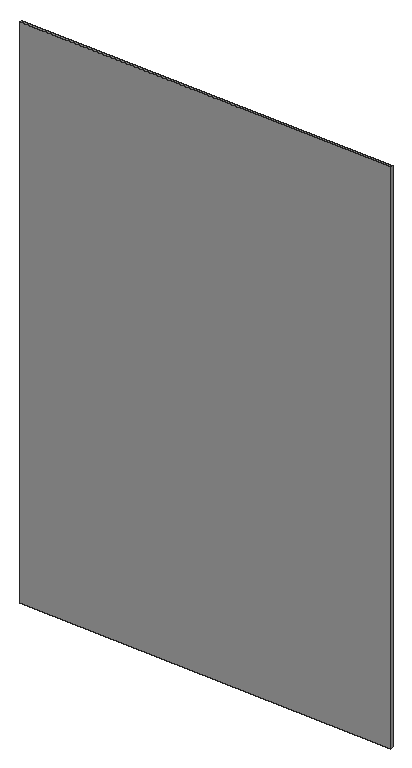
Revit family "Steni - Panel - Nature Type F Micro", category Generic Models, Revit 2014
Parameters (values of type "SN 305")
  Youtube clip = ""
  Width [instance] = 850 mm
  Weight Net (kg) = "Apprx. 11 Kg/m²"
  Water Absorbtion After 28 days = "<1.5 %"
  WarrantyStartDate = ""
  WarrantyDuration = ""
  Uniclass 2.0 Description = ""
  Uniclass 2.0 Code = ""
  Uniclass 1.4 Description = "Facades and roofs"
  Uniclass 1.4 Code = "L381"
  URL = "http://steni.bimobject.com/sn305"
  UNSPC code = 301518
  UNSPC Category = "Siding and exterior wall materials"
  TypeName = ""
  Type Of Aggregate = "SEE SPEC."
  Thickness 2 = "Apprx. 5.5 ,mm"
  Optimization Group [instance] = ""
  IsVerticalLath [instance] = yes
  Height [instance] = 1195 mm
  Drilling Code [instance] = ""
  Depth [instance] = 5.5 mm  # constant formula
  Tensile Strength = "15 N/mm²"
  Temperature Expansion (-20° +65°) = "0.021 mm/m°C"
  Technical description = "http://steni.no/resources/pdf/fdv-dokumenter/nature/Teknisk_data_nature_FM_2011.pdf"
  TagNumber = ""
  Standard Width = 1195 mm  # constant formula
  Standard Length = 3500 mm  # constant formula
  Size Of Aggregate Particle = "1.2 - 1.8 mm"
  Size = ""
  SerialNumber = ""
  Riverse Side = "PLANE"
  Product identifier = ""
  Product group = "Fine Micro"
  Product family = "Steni Nature"
  Product data url = "http://steni.com/en/pro/products/exterior/steni_nature"
  Product certification = "http://steni.co.uk/uk/resources/pdf/approvals/Approvals-STENI_AA000_EN_1015.pdf"
  Product SKU = "SN190"
  Penetration Of Water Vapour = "3,3 X 10-12 Kg/m²sPa"
  NominalWidth = "3500"
  NominalHeight = "1195"
  No Damage = "300 CYCLE"
  Name of the object = "Steni - Panel - Nature Type F Micro"
  NBS Reference Description = ""
  NBS Reference = ""
  Model = "Steni - Panel - Nature Type F Micro"
  Material main = Steni - Nature SN305
  Material = ""
  Manufacturer country = "Norway"
  Manufacturer URL = "www.steni.com"
  Manufacturer = "Steni"
  InstallationDate = ""
  Installation instructions = "http://steni.com/en/pro/documentation/fixing-system"
  Impermeability = "100%"
  Impact Strength = "20 KJ / m 2"
  IFC Classification = "Covering"
  Humidity Altered Dimension = "5.2 X 106 m/m x%RF"
  Heat Resistance = "0.0074 m²°C/W"
  Heat Conductivity = "0.55 W/m°C"
  Hardness Of Aggregate = "SEE SPEC."
  Grade = ""
  Flexural Strength = "40 MPa"
  Finish = ""
  Features = ""
  Extidentifier = ""
  Elasticity Module = "5000 MPa"
  Edition number = "1"
  Edge Straightness Full Size = "1 mm"
  EAN code = ""
  Drilling Distance Tolerance = "± 5 mm"
  Diagonal Deviation = "3 mm"
  Design country = "Norway"
  Density = "Apprx. 2000 Kg/m³"
  Date of publishing = ""
  Created on = ""
  Created by = ""
  ConnectionType = ""
  Colour = ""
  COBIe Type Category = ""
  Barcode = ""
  BIMobject QR code url = "http://steni.bimobject.com/sn305"
  BIMobject Category = "Cladding"
  AssetIdentifier = ""
  Article Number = ""
  Allowable Variation = "± 2 mm"
  AccessibilityPerformance = ""
Types (3, lengths in mm): name | URL | Product SKU | Material main | BIMobject QR code url
  SN 305 | "http://steni.bimobject.com/sn305" | "SN190" | Steni - Nature SN305 | "http://steni.bimobject.com/sn305"
  SN 190 | "http://steni.bimobject.com/sn190" | "SN190" | Steni - Nature SN190 | "http://steni.bimobject.com/sn190"
  SN 150 | "http://steni.bimobject.com/sn150" | "SN150" | Steni - Nature SN150 | "http://steni.bimobject.com/sn150"
Reference planes
  plane 1 "Center (Front/Back)": y = 0
  plane 2: z = 0
  plane 3 "Center (Left/Right)": x = 0
  plane 4: z = 1195
Forms (mm)
  Extrusion 1, solid, material "Steni - Nature SN305" <- "Material main"
    sketch origin (0, 0, 0) x (1, 0, 0) y (0, 1, 0)
      loop
        line (0, -5.5) -> (850, -5.5) -> (850, 0) -> (0, 0) -> (0, -5.5)
    from 0 to 1195
Dimensions and locks
  "Depth": Extrusion 1 sketch curve to Extrusion 1 sketch curve
  "Width": Extrusion 1 sketch curve to Extrusion 1 sketch curve
  "Height": plane 4 to level
  aligned and locked: level to plane 2
  aligned and locked: Extrusion 1 to level
  aligned and locked: Extrusion 1 to plane 4
  aligned and locked: plane 3 "Center (Left/Right)" to Extrusion 1 sketch curve
  aligned and locked: plane 1 "Center (Front/Back)" to Extrusion 1 sketch curve
